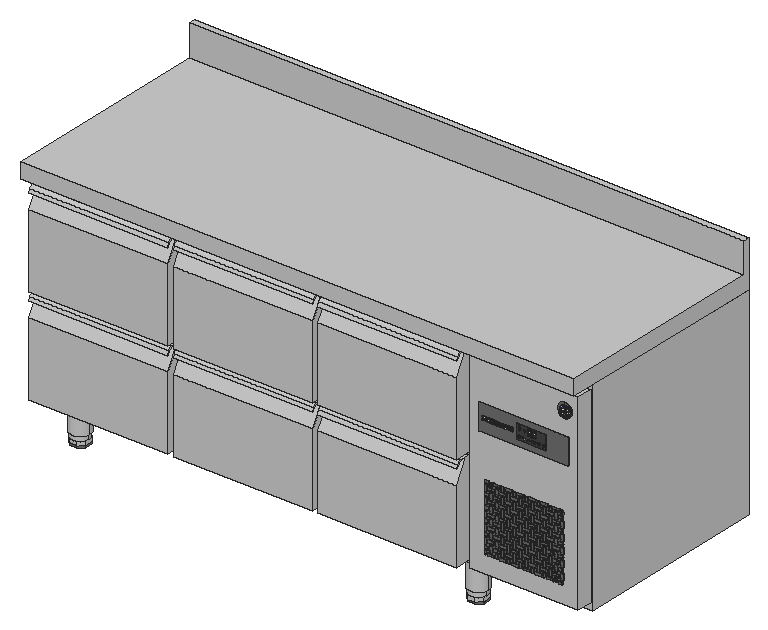
Revit family "QF_HOSHIZAKI_889020834", category Specialty Equipment, Revit 2016 (continued)
Definition of nested family "QF_HOSHIZAKI_ADVANCE_REF-COUNTER-DOORS-DRAWERS"
  Nested families
    nested 1: "Right_Door" at (0, 0, 0), Section size <- "Section size", type "Right door"
      with Worktop thickness 50 mm, Section size 446 mm, Legs height 0 mm, Height Actual 700 mm, Depth Actual 0 mm
    nested 2: "Left_Door" at (0, 0, 0), Section size <- "Section size", type "Left door"
      with Worktop thickness 50 mm, Section size 446 mm, Legs height 0 mm, Height Actual 700 mm, Depth Actual 0 mm
    nested 3: "3_Drawers_1-3" at (0, 0, 0), Section size <- "Section size", type "3 Drawers 1-3"
      with Worktop thickness 50 mm, Section size 446 mm, Legs height 0 mm, Height Actual 700 mm, Depth Actual 0 mm
    nested 4: "2_Drawers_1-2" at (0, 0, 0), Section size <- "Section size", type "2 Drawers 1-2"
      with Worktop thickness 50 mm, Section size 446 mm, Legs height 0 mm, Height Actual 700 mm, Depth Actual 0 mm
    nested 5: "3_Drawers_1-3_2-3" at (0, 0, 0), Section size <- "Section size", type "2 Drawers 1-3 and 2-3"
      with Worktop thickness 40 mm, Section size 446 mm, Legs height 0 mm, Height Actual 750 mm, Depth Actual 0 mm
    nested 6: "Right_Glass_Door" at (0, 0, 0), Section size <- "Section size", type "Right glass door"
      with Worktop thickness 40 mm, Section size 446 mm, Legs height 0 mm, Height Actual 750 mm, Depth Actual 0 mm
    nested 7: "Left_Glass_Door" at (0, 0, 0), Section size <- "Section size", type "Left glass door"
      with Worktop thickness 40 mm, Section size 446 mm, Legs height 0 mm, Height Actual 750 mm, Depth Actual 0 mm
  Definition of nested family "3_Drawers_1-3"
    Parameters (values of type "3 Drawers 1-3")
      Worktop thickness [instance] = 50 mm
      URL = "www.specifiglobal.com"
      Section size [instance] = 446 mm
      Model = ""
      Manufacturer = "DEMO CONSULTANT"
      Legs height [instance] = 150 mm
      Height Actual [instance] = 850 mm
      Description = ""
      Depth Actual [instance] = 700 mm
      Assembly Code = "E1090320"
      3 Drawers = yes
    Reference planes
      plane 1 "Back": y = 0
      plane 2: z = 0
      plane 3 "Left": x = 0
      plane 4 "Right": x = 446
      plane 5 "Front": y = -700
      plane 6 "Top": z = 850
      plane 7 "Front door": y = -633
      plane 8 "Bottom shelf": z = 150
      plane 9 "Worktop bottom": z = 800
      plane 10: z = 784
      plane 11: z = 170
      plane 12: z = 584
      plane 13: z = 577
      plane 14: z = 370
      plane 15: z = 377
      plane 16: z = 580.5
      plane 17: z = 373.5
      plane 18: z = 166.5
      plane 19: z = 787.5
    Forms (mm)
      Extrusion 1, solid, visible <- "3 Drawers"
        sketch origin (860, -633, 4000) x (-1, 0, 0) y (0, 0, 1)
          loop
            line (852, -3224) -> (422, -3224) -> (422, -3408) -> (852, -3408) -> (852, -3224)
          loop
            line (823, -3253) -> (451, -3253) -> (451, -3379) -> (823, -3379) -> (823, -3253)
        from 0 to -11
      Extrusion 2, solid, visible <- "3 Drawers"
        sketch origin (0, 0, 0) x (0, 1, 0) y (0, 0, 1)
          loop
            line (-644, 784) -> (-675.296, 784)
            arc (-675.296, 784) -> (-683.245, 781.721) -> (-688.778, 775.576) r 15
            line (-688.778, 775.576) -> (-694, 764.869) -> (-692.202, 763.992) -> (-686.981, 774.699)
            arc (-686.981, 774.699) -> (-682.185, 780.025) -> (-675.296, 782) r 13
            line (-675.296, 782) -> (-656.484, 782) -> (-694, 717.02) -> (-694, 584) -> (-644, 584) -> (-644, 784)
        from 0 to 446
      Extrusion 3, solid, visible <- "3 Drawers"
        sketch origin (0, 0, -237.3) x (0, 1, 0) y (0, 0, 1)
          loop
            line (-644, 814.3) -> (-675.296, 814.3)
            arc (-675.296, 814.3) -> (-683.245, 812.021) -> (-688.778, 805.876) r 15
            line (-688.778, 805.876) -> (-694, 795.169) -> (-692.202, 794.292) -> (-686.981, 804.999)
            arc (-686.981, 804.999) -> (-682.185, 810.325) -> (-675.296, 812.3) r 13
            line (-675.296, 812.3) -> (-656.484, 812.3) -> (-694, 747.32) -> (-694, 614.3) -> (-644, 614.3) -> (-644, 814.3)
        from 0 to 446
      Extrusion 4, solid, visible <- "3 Drawers"
        sketch origin (0, 0, -463.333) x (0, 1, 0) y (0, 0, 1)
          loop
            line (-644, 833.333) -> (-675.296, 833.333)
            arc (-675.296, 833.333) -> (-683.245, 831.054) -> (-688.778, 824.909) r 15
            line (-688.778, 824.909) -> (-694, 814.202) -> (-692.202, 813.326) -> (-686.981, 824.032)
            arc (-686.981, 824.032) -> (-682.185, 829.358) -> (-675.296, 831.333) r 13
            line (-675.296, 831.333) -> (-656.484, 831.333) -> (-694, 766.353) -> (-694, 633.333) -> (-644, 633.333) -> (-644, 833.333)
        from 0 to 446
      Extrusion 5, solid, visible <- "3 Drawers"
        sketch origin (860, -633, 3773.7) x (-1, 0, 0) y (0, 0, 1)
          loop
            line (852, -3204.7) -> (422, -3204.7) -> (422, -3388.7) -> (852, -3388.7) -> (852, -3204.7)
          loop
            line (823, -3233.7) -> (451, -3233.7) -> (451, -3359.7) -> (823, -3359.7) -> (823, -3233.7)
        from 0 to -11
      Extrusion 6, solid, visible <- "3 Drawers"
        sketch origin (860, -633, 3547) x (-1, 0, 0) y (0, 0, 1)
          loop
            line (852, -3185) -> (422, -3185) -> (422, -3369) -> (852, -3369) -> (852, -3185)
          loop
            line (823, -3214) -> (451, -3214) -> (451, -3340) -> (823, -3340) -> (823, -3214)
        from 0 to -11
      Extrusion 7, solid, visible <- "3 Drawers", detail levels coarse
        sketch origin (0, -608.657, 584) x (0, 1, 0) y (-1, 0, 0)
          loop
            line (-85.343, 0) -> (-551.343, 0) -> (-551.343, -446) -> (-85.343, -446) -> (-85.343, 0)
        from 0 to 200
      Extrusion 8, solid, visible <- "3 Drawers", detail levels coarse
        sketch origin (0, -503.657, 377) x (0, 1, 0) y (-1, 0, 0)
          loop
            line (-190.343, 0) -> (-656.343, 0) -> (-656.343, -446) -> (-190.343, -446) -> (-190.343, 0)
        from 0 to 200
      Extrusion 9, solid, visible <- "3 Drawers", detail levels coarse
        sketch origin (0, -343.657, 170) x (0, 1, 0) y (-1, 0, 0)
          loop
            line (-350.343, 0) -> (-816.343, 0) -> (-816.343, -446) -> (-350.343, -446) -> (-350.343, 0)
        from 0 to 200
    Lines and regions (mm)
      symbolic lines, visible <- "3 Drawers"
        curve 1: line (0, -808, 850) -> (0, -854, 850)
        curve 2: line (0, -854, 850) -> (446, -854, 850)
        curve 3: line (446, -854, 850) -> (446, -808, 850)
        curve 4: line (446, -808, 850) -> (0, -808, 850)
        curve 5: line (416, -808, 850) -> (416, -700, 850)
        curve 6: line (30, -808, 850) -> (30, -700, 850)
        curve 7: line (0, -961, 850) -> (0, -1007, 850)
        curve 8: line (0, -1007, 850) -> (446, -1007, 850)
        curve 9: line (446, -1007, 850) -> (446, -961, 850)
        curve 10: line (446, -961, 850) -> (0, -961, 850)
        curve 11: line (416, -961, 850) -> (416, -854, 850)
        curve 12: line (30, -961, 850) -> (30, -854, 850)
        curve 13: line (0, -1114, 850) -> (0, -1160, 850)
        curve 14: line (0, -1160, 850) -> (446, -1160, 850)
        curve 15: line (446, -1160, 850) -> (446, -1114, 850)
        curve 16: line (446, -1114, 850) -> (0, -1114, 850)
        curve 17: line (416, -1114, 850) -> (416, -1007, 850)
        curve 18: line (30, -1114, 850) -> (30, -1007, 850)
    Dimensions and locks
      "Section size": plane 3 "Left" to plane 4 "Right"
      "Depth Actual": plane 5 "Front" to plane 1 "Back"
      "Height Actual": plane 6 "Top" to level
      locked: plane 7 "Front door" to plane 5 "Front" at 67
      "Legs height": plane 8 "Bottom shelf" to plane 2
      "Worktop thickness": plane 6 "Top" to plane 9 "Worktop bottom"
      locked: plane 11 to plane 8 "Bottom shelf" at 20
      locked: plane 9 "Worktop bottom" to plane 10 at 16
      locked: plane 12 to plane 13 at 7
      locked: plane 15 to plane 14 at 7
      locked: plane 11 to plane 18 at 3.5
      equal spacing: plane 12, plane 16, plane 13
      equal spacing: plane 15, plane 17, plane 14
      locked: plane 19 to plane 10 at 3.5
      equal spacing: plane 19, plane 16, plane 17, plane 18
      aligned and locked: level to plane 2
      aligned and locked: Extrusion 2 to plane 4 "Right"
      aligned and locked: Extrusion 3 to plane 4 "Right"
      aligned and locked: Extrusion 4 to plane 4 "Right"
      aligned and locked: plane 4 "Right" to Extrusion 7 sketch curve
      aligned and locked: plane 3 "Left" to Extrusion 7 sketch curve
      aligned and locked: Extrusion 7 to plane 10
      aligned and locked: Extrusion 8 to plane 13
      aligned and locked: Extrusion 9 to plane 14
      aligned and locked: plane 10 to Extrusion 2 sketch curve
      aligned and locked: Extrusion 2 sketch curve to plane 12
      aligned and locked: Extrusion 3 sketch curve to plane 15
      aligned and locked: plane 13 to Extrusion 3 sketch curve
    Automatic sketch dimensions
      plane 4 "Right" to Extrusion 1 sketch curve = 8 mm
      plane 4 "Right" to Extrusion 1 sketch curve = 37 mm
      plane 3 "Left" to Extrusion 1 sketch curve = 37 mm
      plane 3 "Left" to Extrusion 1 sketch curve = 8 mm
      plane 12 to Extrusion 1 sketch curve = 8 mm
      plane 12 to Extrusion 1 sketch curve = 37 mm
      Extrusion 1 sketch curve to plane 10 = 37 mm
      Extrusion 1 sketch curve to plane 10 = 8 mm
      plane 4 "Right" to Extrusion 5 sketch curve = 8 mm
      plane 4 "Right" to Extrusion 5 sketch curve = 37 mm
      plane 3 "Left" to Extrusion 5 sketch curve = 37 mm
      plane 3 "Left" to Extrusion 5 sketch curve = 8 mm
      plane 15 to Extrusion 5 sketch curve = 8 mm
      plane 15 to Extrusion 5 sketch curve = 37 mm
      Extrusion 5 sketch curve to plane 13 = 37 mm
      Extrusion 5 sketch curve to plane 13 = 8 mm
      plane 4 "Right" to Extrusion 6 sketch curve = 8 mm
      plane 4 "Right" to Extrusion 6 sketch curve = 37 mm
      plane 3 "Left" to Extrusion 6 sketch curve = 37 mm
      plane 3 "Left" to Extrusion 6 sketch curve = 8 mm
      plane 11 to Extrusion 6 sketch curve = 8 mm
      plane 11 to Extrusion 6 sketch curve = 37 mm
      Extrusion 6 sketch curve to plane 14 = 37 mm
      Extrusion 6 sketch curve to plane 14 = 8 mm
      Extrusion 7 sketch curve to plane 5 "Front" = 460 mm
      plane 5 "Front" to Extrusion 7 sketch curve = 6 mm
      Extrusion 8 sketch curve to plane 3 "Left" = 0 mm
      Extrusion 8 sketch curve to plane 4 "Right" = 0 mm
      Extrusion 8 sketch curve to plane 5 "Front" = 460 mm
      plane 5 "Front" to Extrusion 8 sketch curve = 6 mm
      Extrusion 9 sketch curve to plane 3 "Left" = 0 mm
      Extrusion 9 sketch curve to plane 4 "Right" = 0 mm
      Extrusion 9 sketch curve to plane 5 "Front" = 460 mm
      plane 5 "Front" to Extrusion 9 sketch curve = 6 mm
      curve 13 to plane 3 "Left" = 0 mm
      curve 14 to plane 4 "Right" = 0 mm
      curve 7 to plane 3 "Left" = 0 mm
      curve 8 to plane 4 "Right" = 0 mm
      curve 1 to plane 3 "Left" = 0 mm
      curve 3 to plane 4 "Right" = 0 mm
      curve 6 to plane 5 "Front" = 0 mm
      curve 5 to plane 5 "Front" = 0 mm
      curve 1 to plane 5 "Front" = 108 mm
      curve 2 to curve 3 = 46 mm
      curve 7 to curve 1 = 107 mm
      curve 9 to curve 9 = 46 mm
      curve 16 to curve 7 = 107 mm
      curve 14 to curve 13 = 46 mm
      curve 8 to curve 17 = 30 mm
      curve 9 to curve 11 = 30 mm
      curve 3 to curve 5 = 30 mm
      plane 3 "Left" to curve 6 = 30 mm
      plane 3 "Left" to curve 18 = 30 mm
      plane 3 "Left" to curve 12 = 30 mm
      Extrusion 2 sketch curve to Extrusion 2 sketch curve = 0 mm  (x3)
      plane 5 "Front" to Extrusion 2 sketch curve = 6 mm  (x2)
      Extrusion 2 sketch curve to Extrusion 2 sketch curve = 1.798 mm  (x2)
      Extrusion 2 sketch curve to Extrusion 2 sketch curve = 11.684 mm
      plane 5 "Front" to Extrusion 2 sketch curve = 43.516 mm
      plane 5 "Front" to Extrusion 2 sketch curve = 56 mm
      Extrusion 2 sketch curve to plane 10 = 66.98 mm
      Extrusion 3 sketch curve to Extrusion 3 sketch curve = 0 mm  (x4)
      Extrusion 3 sketch curve to Extrusion 3 sketch curve = 1.798 mm  (x2)
      plane 5 "Front" to Extrusion 3 sketch curve = 11.222 mm
      Extrusion 3 sketch curve to Extrusion 3 sketch curve = 18.812 mm
      Extrusion 3 sketch curve to plane 7 "Front door" = 11 mm
      Extrusion 3 sketch curve to Extrusion 3 sketch curve = 46.972 mm
      Extrusion 4 sketch curve to Extrusion 4 sketch curve = 0 mm  (x2)
      Extrusion 4 sketch curve to plane 11 = 0 mm
      Extrusion 4 sketch curve to plane 14 = 0 mm
      Extrusion 4 sketch curve to plane 7 "Front door" = 61 mm  (x2)
      Extrusion 4 sketch curve to Extrusion 4 sketch curve = 1.798 mm  (x2)
      Extrusion 4 sketch curve to plane 14 = 8.424 mm
      Extrusion 4 sketch curve to Extrusion 4 sketch curve = 5.222 mm
      Extrusion 4 sketch curve to plane 14 = 9.301 mm
      Extrusion 4 sketch curve to plane 7 "Front door" = 42.296 mm
      Extrusion 4 sketch curve to plane 7 "Front door" = 23.484 mm
      Extrusion 4 sketch curve to plane 7 "Front door" = 11 mm
      Extrusion 4 sketch curve to Extrusion 4 sketch curve = 46.972 mm
      plane 5 "Front" to Extrusion 2 sketch curve = 11.222 mm
      plane 5 "Front" to Extrusion 3 sketch curve = 7.798 mm
      plane 5 "Front" to Extrusion 3 sketch curve = 6 mm
      Extrusion 3 sketch curve to Extrusion 3 sketch curve = 11.684 mm
      Extrusion 3 sketch curve to Extrusion 3 sketch curve = 66.98 mm
      Extrusion 3 sketch curve to Extrusion 3 sketch curve = 0.877 mm
      Extrusion 2 sketch curve to plane 10 = 20.008 mm
      Extrusion 2 sketch curve to Extrusion 2 sketch curve = 0.877 mm
  Definition of nested family "Right_Door"
    Parameters (values of type "Right door")
      Worktop thickness [instance] = 50 mm
      URL = "www.specifiglobal.com"
      Section size [instance] = 446 mm
      Right hand hinged door = yes
      Model = ""
      Manufacturer = "DEMO CONSULTANT"
      Legs height [instance] = 150 mm
      Height Actual [instance] = 850 mm
      Description = ""
      Depth Actual [instance] = 700 mm
      Assembly Code = "E1090320"
    Reference planes
      plane 1 "Back": y = 0
      plane 2: z = 0
      plane 3 "Left": x = 0
      plane 4 "Right": x = 446
      plane 5 "Front": y = -700
      plane 6 "Top": z = 850
      plane 7 "Front door": y = -633
      plane 8 "Bottom shelf": z = 150
      plane 9 "Worktop bottom": z = 800
      plane 10: z = 784
      plane 11: z = 170
    Forms (mm)
      Extrusion 1, solid, visible <- "Right hand hinged door", detail levels coarse
        sketch origin (0, -608.657, 170) x (0, 1, 0) y (-1, 0, 0)
          loop
            arc (-85.343, 0) -> (-400.712, -130.63) -> (-531.343, -446) r 446
            line (-531.343, -446) -> (-85.343, -446) -> (-85.343, 0)
        from 0 to 614
      Extrusion 2, solid, visible <- "Right hand hinged door"
        sketch origin (860, -633, 4000) x (-1, 0, 0) y (0, 0, 1)
          loop
            line (852, -3224) -> (422, -3224) -> (422, -3822) -> (852, -3822) -> (852, -3224)
          loop
            line (823, -3253) -> (451, -3253) -> (451, -3793) -> (823, -3793) -> (823, -3253)
        from 0 to -11
      Extrusion 3, solid, visible <- "Right hand hinged door"
        sketch origin (0, 0, 0) x (0, 1, 0) y (0, 0, 1)
          loop
            line (-644, 784) -> (-675.296, 784)
            arc (-675.296, 784) -> (-683.245, 781.721) -> (-688.778, 775.576) r 15
            line (-688.778, 775.576) -> (-694, 764.869) -> (-692.202, 763.992) -> (-686.981, 774.699)
            arc (-686.981, 774.699) -> (-682.185, 780.025) -> (-675.296, 782) r 13
            line (-675.296, 782) -> (-656.484, 782) -> (-694, 717.02) -> (-694, 170) -> (-644, 170) -> (-644, 784)
        from 0 to 446
    Lines and regions (mm)
      symbolic lines, visible <- "Right hand hinged door"
        curve 1: line (446, -700, 850) -> (446, -1140, 850)
        curve 2: arc (0.04, -700, 850) -> (132.759, -1011.484, 850) -> (446, -1140, 850) r 446
    Dimensions and locks
      "Section size": plane 3 "Left" to plane 4 "Right"
      "Depth Actual": plane 5 "Front" to plane 1 "Back"
      "Height Actual": plane 6 "Top" to level
      locked: plane 7 "Front door" to plane 5 "Front" at 67
      "Legs height": plane 8 "Bottom shelf" to plane 2
      "Worktop thickness": plane 6 "Top" to plane 9 "Worktop bottom"
      locked: plane 11 to plane 8 "Bottom shelf" at 20
      locked: plane 9 "Worktop bottom" to plane 10 at 16
      aligned and locked: level to plane 2
      aligned and locked: Extrusion 1 to plane 10
      aligned and locked: Extrusion 3 to plane 4 "Right"
      aligned and locked: curve 2 to Extrusion 1
      aligned and locked: plane 10 to Extrusion 3 sketch curve
      aligned and locked: Extrusion 3 sketch curve to plane 11
    Automatic sketch dimensions
      plane 4 "Right" to Extrusion 2 sketch curve = 8 mm
      plane 4 "Right" to Extrusion 2 sketch curve = 37 mm
      plane 3 "Left" to Extrusion 2 sketch curve = 37 mm
      plane 3 "Left" to Extrusion 2 sketch curve = 8 mm
      plane 11 to Extrusion 2 sketch curve = 8 mm
      plane 11 to Extrusion 2 sketch curve = 37 mm
      Extrusion 2 sketch curve to plane 10 = 37 mm
      Extrusion 2 sketch curve to plane 10 = 8 mm
      Extrusion 1 sketch curve to plane 4 "Right" = 0 mm
      Extrusion 1 sketch curve to plane 3 "Left" = 0 mm
      plane 5 "Front" to Extrusion 1 sketch curve = 6 mm
      curve 1 to plane 5 "Front" = 0 mm
      curve 2 to plane 5 "Front" = 0 mm
      Extrusion 3 sketch curve to Extrusion 3 sketch curve = 0 mm  (x2)
      Extrusion 3 sketch curve to plane 7 "Front door" = 61 mm  (x2)
      Extrusion 3 sketch curve to Extrusion 3 sketch curve = 1.798 mm  (x2)
      Extrusion 3 sketch curve to plane 10 = 8.424 mm
      Extrusion 3 sketch curve to Extrusion 3 sketch curve = 5.222 mm
      Extrusion 3 sketch curve to plane 10 = 9.301 mm
      Extrusion 3 sketch curve to plane 7 "Front door" = 42.296 mm
      Extrusion 3 sketch curve to plane 7 "Front door" = 23.484 mm
      Extrusion 3 sketch curve to Extrusion 3 sketch curve = 12.484 mm
      Extrusion 3 sketch curve to Extrusion 3 sketch curve = 46.972 mm
  Definition of nested family "Left_Door"
    Parameters (values of type "Left door")
      Worktop thickness [instance] = 50 mm
      URL = "www.specifiglobal.com"
      Section size [instance] = 450 mm
      Model = ""
      Manufacturer = "DEMO CONSULTANT"
      Legs height [instance] = 150 mm
      Left hand hinged door = yes
      Height Actual [instance] = 850 mm
      Description = ""
      Depth Actual [instance] = 700 mm
      Assembly Code = "E1090320"
    Reference planes
      plane 1 "Back": y = 0
      plane 2: z = 0
      plane 3 "Left": x = 0
      plane 4 "Right": x = 450
      plane 5 "Front": y = -700
      plane 6 "Top": z = 850
      plane 7 "Front door": y = -633
      plane 8 "Bottom shelf": z = 150
      plane 9 "Worktop bottom": z = 800
      plane 10: z = 784
      plane 11: z = 170
    Forms (mm)
      Extrusion 1, solid, visible <- "Left hand hinged door"
        sketch origin (860, -633, 4000) x (-1, 0, 0) y (0, 0, 1)
          loop
            line (852, -3224) -> (418, -3224) -> (418, -3822) -> (852, -3822) -> (852, -3224)
          loop
            line (823, -3253) -> (447, -3253) -> (447, -3793) -> (823, -3793) -> (823, -3253)
        from 0 to -11
      Extrusion 2, solid, visible <- "Left hand hinged door"
        sketch origin (0, 0, 0) x (0, 1, 0) y (0, 0, 1)
          loop
            line (-644, 784) -> (-675.296, 784)
            arc (-675.296, 784) -> (-683.245, 781.721) -> (-688.778, 775.576) r 15
            line (-688.778, 775.576) -> (-694, 764.869) -> (-692.202, 763.992) -> (-686.981, 774.699)
            arc (-686.981, 774.699) -> (-682.185, 780.025) -> (-675.296, 782) r 13
            line (-675.296, 782) -> (-656.484, 782) -> (-694, 717.02) -> (-694, 170) -> (-644, 170) -> (-644, 784)
        from 0 to 450
      Extrusion 3, solid, visible <- "Left hand hinged door", detail levels coarse
        sketch origin (0, -608.657, 170) x (0, 1, 0) y (-1, 0, 0)
          loop
            line (-85.343, -450) -> (-85.343, 0) -> (-535.343, 0)
            arc (-535.343, 0) -> (-403.541, -318.198) -> (-85.343, -450) r 450
        from 0 to 614
    Lines and regions (mm)
      symbolic lines, visible <- "Left hand hinged door"
        curve 1: line (0, -700, 850) -> (0, -1144, 850)
        curve 2: arc (0, -1144, 850) -> (316.07, -1014.312, 850) -> (449.96, -700, 850) r 450
    Dimensions and locks
      "Section size": plane 3 "Left" to plane 4 "Right"
      "Depth Actual": plane 5 "Front" to plane 1 "Back"
      "Height Actual": plane 6 "Top" to level
      locked: plane 7 "Front door" to plane 5 "Front" at 67
      "Legs height": plane 8 "Bottom shelf" to plane 2
      "Worktop thickness": plane 6 "Top" to plane 9 "Worktop bottom"
      locked: plane 11 to plane 8 "Bottom shelf" at 20
      locked: plane 9 "Worktop bottom" to plane 10 at 16
      aligned and locked: level to plane 2
      aligned and locked: Extrusion 2 to plane 4 "Right"
      aligned and locked: Extrusion 3 to plane 10
      aligned and locked: curve 2 to Extrusion 3
      aligned and locked: plane 10 to Extrusion 2 sketch curve
      aligned and locked: Extrusion 2 sketch curve to plane 11
    Automatic sketch dimensions
      plane 4 "Right" to Extrusion 1 sketch curve = 8 mm
      plane 4 "Right" to Extrusion 1 sketch curve = 37 mm
      plane 3 "Left" to Extrusion 1 sketch curve = 37 mm
      plane 3 "Left" to Extrusion 1 sketch curve = 8 mm
      plane 11 to Extrusion 1 sketch curve = 8 mm
      plane 11 to Extrusion 1 sketch curve = 37 mm
      Extrusion 1 sketch curve to plane 10 = 37 mm
      Extrusion 1 sketch curve to plane 10 = 8 mm
      Extrusion 3 sketch curve to plane 3 "Left" = 0 mm
      Extrusion 3 sketch curve to plane 4 "Right" = 0 mm
      plane 5 "Front" to Extrusion 3 sketch curve = 6 mm
      curve 1 to plane 5 "Front" = 0 mm
      curve 2 to plane 5 "Front" = 0 mm
      Extrusion 2 sketch curve to Extrusion 2 sketch curve = 0 mm  (x2)
      plane 5 "Front" to Extrusion 2 sketch curve = 6 mm  (x2)
      Extrusion 2 sketch curve to Extrusion 2 sketch curve = 1.798 mm
      plane 5 "Front" to Extrusion 2 sketch curve = 11.222 mm
      Extrusion 2 sketch curve to Extrusion 2 sketch curve = 11.684 mm
      Extrusion 2 sketch curve to Extrusion 2 sketch curve = 18.812 mm
      Extrusion 2 sketch curve to plane 7 "Front door" = 11 mm
      Extrusion 2 sketch curve to plane 10 = 66.98 mm
      Extrusion 2 sketch curve to plane 10 = 20.008 mm
      Extrusion 2 sketch curve to Extrusion 2 sketch curve = 0.877 mm  (x2)
  Definition of nested family "2_Drawers_1-2"
    Parameters (values of type "2 Drawers 1-2")
      Worktop thickness [instance] = 50 mm
      URL = "www.specifiglobal.com"
      Section size [instance] = 446 mm
      Model = ""
      Manufacturer = "DEMO CONSULTANT"
      Legs height [instance] = 150 mm
      Height Actual [instance] = 850 mm
      Description = ""
      Depth Actual [instance] = 700 mm
      Assembly Code = "E1090320"
      2 Drawers = yes
    Reference planes
      plane 1 "Back": y = 0
      plane 2: z = 0
      plane 3 "Left": x = 0
      plane 4 "Right": x = 446
      plane 5 "Front": y = -700
      plane 6 "Top": z = 850
      plane 7 "Front door": y = -633
      plane 8 "Bottom shelf": z = 150
      plane 9 "Worktop bottom": z = 800
      plane 10: z = 784
      plane 11: z = 170
      plane 12: z = 481
      plane 13: z = 473
      plane 14: z = 477
      plane 15: z = 792
      plane 16: z = 160
    Forms (mm)
      Extrusion 1, solid, visible <- "2 Drawers"
        sketch origin (860, -633, 4000) x (-1, 0, 0) y (0, 0, 1)
          loop
            line (852, -3224) -> (422, -3224) -> (422, -3511) -> (852, -3511) -> (852, -3224)
          loop
            line (823, -3253) -> (451, -3253) -> (451, -3482) -> (823, -3482) -> (823, -3253)
        from 0 to -11
      Extrusion 2, solid, visible <- "2 Drawers"
        sketch origin (0, 0, 0) x (0, 1, 0) y (0, 0, 1)
          loop
            line (-644, 784) -> (-675.296, 784)
            arc (-675.296, 784) -> (-683.245, 781.721) -> (-688.778, 775.576) r 15
            line (-688.778, 775.576) -> (-694, 764.869) -> (-692.202, 763.992) -> (-686.981, 774.699)
            arc (-686.981, 774.699) -> (-682.185, 780.025) -> (-675.296, 782) r 13
            line (-675.296, 782) -> (-656.484, 782) -> (-694, 717.02) -> (-694, 481) -> (-644, 481) -> (-644, 784)
        from 0 to 446
      Extrusion 3, solid, visible <- "2 Drawers"
        sketch origin (0, 0, -463.333) x (0, 1, 0) y (0, 0, 1)
          loop
            line (-644, 936.333) -> (-675.296, 936.333)
            arc (-675.296, 936.333) -> (-683.245, 934.054) -> (-688.778, 927.909) r 15
            line (-688.778, 927.909) -> (-694, 917.202) -> (-692.202, 916.326) -> (-686.981, 927.032)
            arc (-686.981, 927.032) -> (-682.185, 932.358) -> (-675.296, 934.333) r 13
            line (-675.296, 934.333) -> (-656.484, 934.333) -> (-694, 869.353) -> (-694, 633.333) -> (-644, 633.333) -> (-644, 936.333)
        from 0 to 446
      Extrusion 4, solid, visible <- "2 Drawers"
        sketch origin (860, -633, 3547) x (-1, 0, 0) y (0, 0, 1)
          loop
            line (852, -3082) -> (422, -3082) -> (422, -3369) -> (852, -3369) -> (852, -3082)
          loop
            line (823, -3111) -> (451, -3111) -> (451, -3340) -> (823, -3340) -> (823, -3111)
        from 0 to -11
      Extrusion 5, solid, visible <- "2 Drawers", detail levels coarse
        sketch origin (0, -608.657, 481) x (0, 1, 0) y (-1, 0, 0)
          loop
            line (-85.343, 0) -> (-551.343, 0) -> (-551.343, -446) -> (-85.343, -446) -> (-85.343, 0)
        from 0 to 303
      Extrusion 6, solid, visible <- "2 Drawers", detail levels coarse
        sketch origin (0, -343.657, 170) x (0, 1, 0) y (-1, 0, 0)
          loop
            line (-350.343, 0) -> (-816.343, 0) -> (-816.343, -446) -> (-350.343, -446) -> (-350.343, 0)
        from 0 to 303
    Lines and regions (mm)
      symbolic lines, visible <- "2 Drawers"
        curve 1: line (0, -884, 850) -> (0, -930, 850)
        curve 2: line (0, -930, 850) -> (446, -930, 850)
        curve 3: line (446, -930, 850) -> (446, -884, 850)
        curve 4: line (446, -884, 850) -> (0, -884, 850)
        curve 5: line (416, -884, 850) -> (416, -700, 850)
        curve 6: line (30, -884, 850) -> (30, -700, 850)
        curve 7: line (0, -1114, 850) -> (0, -1160, 850)
        curve 8: line (0, -1160, 850) -> (446, -1160, 850)
        curve 9: line (446, -1160, 850) -> (446, -1114, 850)
        curve 10: line (446, -1114, 850) -> (0, -1114, 850)
        curve 11: line (416, -1114, 850) -> (416, -930, 850)
        curve 12: line (30, -1114, 850) -> (30, -930, 850)
    Dimensions and locks
      "Section size": plane 3 "Left" to plane 4 "Right"
      "Depth Actual": plane 5 "Front" to plane 1 "Back"
      "Height Actual": plane 6 "Top" to level
      locked: plane 7 "Front door" to plane 5 "Front" at 67
      "Legs height": plane 8 "Bottom shelf" to plane 2
      "Worktop thickness": plane 6 "Top" to plane 9 "Worktop bottom"
      locked: plane 11 to plane 8 "Bottom shelf" at 20
      locked: plane 9 "Worktop bottom" to plane 10 at 16
      equal spacing: plane 9 "Worktop bottom", plane 15, plane 10
      equal spacing: plane 11, plane 16, plane 8 "Bottom shelf"
      plane 12 to plane 13 = 8 mm
      equal spacing: plane 12, plane 14, plane 13
      equal spacing: plane 10, plane 14, plane 11
      aligned and locked: level to plane 2
      aligned and locked: Extrusion 2 to plane 4 "Right"
      aligned and locked: Extrusion 3 to plane 4 "Right"
      aligned and locked: plane 4 "Right" to Extrusion 5 sketch curve
      aligned and locked: plane 3 "Left" to Extrusion 5 sketch curve
      aligned and locked: Extrusion 5 to plane 10
      aligned and locked: Extrusion 6 to plane 13
      aligned and locked: Extrusion 2 sketch curve to plane 12
      aligned and locked: plane 10 to Extrusion 2 sketch curve
      aligned and locked: Extrusion 3 sketch curve to plane 11
      aligned and locked: plane 13 to Extrusion 3 sketch curve
    Automatic sketch dimensions
      plane 4 "Right" to Extrusion 1 sketch curve = 8 mm
      plane 4 "Right" to Extrusion 1 sketch curve = 37 mm
      plane 3 "Left" to Extrusion 1 sketch curve = 37 mm
      plane 3 "Left" to Extrusion 1 sketch curve = 8 mm
      plane 12 to Extrusion 1 sketch curve = 8 mm
      plane 12 to Extrusion 1 sketch curve = 37 mm
      Extrusion 1 sketch curve to plane 10 = 37 mm
      Extrusion 1 sketch curve to plane 10 = 8 mm
      plane 4 "Right" to Extrusion 4 sketch curve = 8 mm
      plane 4 "Right" to Extrusion 4 sketch curve = 37 mm
      plane 3 "Left" to Extrusion 4 sketch curve = 37 mm
      plane 3 "Left" to Extrusion 4 sketch curve = 8 mm
      plane 11 to Extrusion 4 sketch curve = 8 mm
      plane 11 to Extrusion 4 sketch curve = 37 mm
      Extrusion 4 sketch curve to plane 13 = 37 mm
      Extrusion 4 sketch curve to plane 13 = 8 mm
      Extrusion 5 sketch curve to plane 5 "Front" = 460 mm
      plane 5 "Front" to Extrusion 5 sketch curve = 6 mm
      Extrusion 6 sketch curve to plane 3 "Left" = 0 mm
      Extrusion 6 sketch curve to plane 4 "Right" = 0 mm
      Extrusion 6 sketch curve to plane 5 "Front" = 460 mm
      plane 5 "Front" to Extrusion 6 sketch curve = 6 mm
      curve 8 to plane 3 "Left" = 0 mm
      curve 8 to plane 4 "Right" = 0 mm
      curve 3 to plane 4 "Right" = 0 mm
      curve 1 to plane 3 "Left" = 0 mm
      curve 5 to plane 5 "Front" = 0 mm
      curve 6 to plane 5 "Front" = 0 mm
      curve 4 to plane 5 "Front" = 184 mm
      curve 2 to curve 1 = 46 mm
      curve 7 to curve 1 = 184 mm
      curve 9 to curve 9 = 46 mm
      plane 4 "Right" to curve 5 = 30 mm
      plane 4 "Right" to curve 11 = 30 mm
      plane 3 "Left" to curve 12 = 30 mm
      plane 3 "Left" to curve 6 = 30 mm
      Extrusion 2 sketch curve to Extrusion 2 sketch curve = 0 mm  (x2)
      plane 5 "Front" to Extrusion 2 sketch curve = 6 mm  (x2)
      Extrusion 2 sketch curve to Extrusion 2 sketch curve = 1.798 mm  (x2)
      Extrusion 2 sketch curve to Extrusion 2 sketch curve = 5.222 mm
      plane 5 "Front" to Extrusion 2 sketch curve = 24.704 mm
      plane 5 "Front" to Extrusion 2 sketch curve = 43.516 mm
      plane 5 "Front" to Extrusion 2 sketch curve = 56 mm
      Extrusion 2 sketch curve to Extrusion 2 sketch curve = 46.972 mm
      Extrusion 2 sketch curve to Extrusion 2 sketch curve = 0.877 mm
      Extrusion 2 sketch curve to Extrusion 2 sketch curve = 5.699 mm
      plane 5 "Front" to Extrusion 3 sketch curve = 6 mm  (x2)
      Extrusion 3 sketch curve to Extrusion 3 sketch curve = 1.798 mm  (x2)
      Extrusion 3 sketch curve to Extrusion 3 sketch curve = 5.222 mm
      Extrusion 3 sketch curve to Extrusion 3 sketch curve = 11.684 mm
      plane 5 "Front" to Extrusion 3 sketch curve = 43.516 mm
      plane 5 "Front" to Extrusion 3 sketch curve = 56 mm
      Extrusion 3 sketch curve to Extrusion 3 sketch curve = 46.972 mm
      Extrusion 3 sketch curve to Extrusion 3 sketch curve = 0 mm  (x2)
      Extrusion 3 sketch curve to Extrusion 3 sketch curve = 5.699 mm
      Extrusion 3 sketch curve to Extrusion 3 sketch curve = 0.877 mm
  Definition of nested family "3_Drawers_1-3_2-3"
    Parameters (values of type "2 Drawers 1-3 and 2-3")
      Worktop thickness [instance] = 40 mm
      URL = "www.specifiglobal.com"
      Section size [instance] = 421 mm
      Model = ""
      Manufacturer = "DEMO CONSULTANT"
      Legs height [instance] = 150 mm
      Height Actual [instance] = 900 mm
      Description = ""
      Depth Actual [instance] = 700 mm
      Assembly Code = "E1090320"
      2 Drawers 1-3 and 2-3 = yes
    Reference planes
      plane 1 "Back": y = 0
      plane 2: z = 0
      plane 3 "Left": x = 0
      plane 4 "Right": x = 421
      plane 5 "Front": y = -700
      plane 6 "Top": z = 900
      plane 7 "Front door": y = -633
      plane 8 "Bottom shelf": z = 150
      plane 9 "Worktop bottom": z = 860
      plane 10: z = 841
      plane 11: z = 186
      plane 12: z = 627
      plane 13: z = 620
      plane 14: z = 623.5
      plane 15: z = 850.5
      plane 16: z = 168
    Forms (mm)
      Extrusion 1, solid, visible <- "2 Drawers 1-3 and 2-3"
        sketch origin (860, -633, 4000) x (-1, 0, 0) y (0, 0, 1)
          loop
            line (852, -3167) -> (447, -3167) -> (447, -3365) -> (852, -3365) -> (852, -3167)
          loop
            line (823, -3196) -> (476, -3196) -> (476, -3336) -> (823, -3336) -> (823, -3196)
        from 0 to -11
      Extrusion 2, solid, visible <- "2 Drawers 1-3 and 2-3"
        sketch origin (0, 0, 0) x (0, 1, 0) y (0, 0, 1)
          loop
            line (-644, 841) -> (-675.296, 841)
            arc (-675.296, 841) -> (-683.245, 838.721) -> (-688.778, 832.576) r 15
            line (-688.778, 832.576) -> (-694, 821.869) -> (-692.202, 820.992) -> (-686.981, 831.699)
            arc (-686.981, 831.699) -> (-682.185, 837.025) -> (-675.296, 839) r 13
            line (-675.296, 839) -> (-656.484, 839) -> (-694, 774.02) -> (-694, 627) -> (-644, 627) -> (-644, 841)
        from 0 to 421
      Extrusion 3, solid, visible <- "2 Drawers 1-3 and 2-3"
        sketch origin (0, 0, -463.333) x (0, 1, 0) y (0, 0, 1)
          loop
            line (-644, 1083.333) -> (-675.296, 1083.333)
            arc (-675.296, 1083.333) -> (-683.245, 1081.054) -> (-688.778, 1074.909) r 15
            line (-688.778, 1074.909) -> (-694, 1064.202) -> (-692.202, 1063.326) -> (-686.981, 1074.032)
            arc (-686.981, 1074.032) -> (-682.185, 1079.358) -> (-675.296, 1081.333) r 13
            line (-675.296, 1081.333) -> (-656.484, 1081.333) -> (-694, 1016.353) -> (-694, 649.333) -> (-644, 649.333) -> (-644, 1083.333)
        from 0 to 421
      Extrusion 4, solid, visible <- "2 Drawers 1-3 and 2-3"
        sketch origin (860, -633, 3547) x (-1, 0, 0) y (0, 0, 1)
          loop
            line (852, -2935) -> (447, -2935) -> (447, -3353) -> (852, -3353) -> (852, -2935)
          loop
            line (823, -2964) -> (476, -2964) -> (476, -3324) -> (823, -3324) -> (823, -2964)
        from 0 to -11
      Extrusion 5, solid, visible <- "2 Drawers 1-3 and 2-3", detail levels coarse
        sketch origin (0, -608.657, 627) x (0, 1, 0) y (-1, 0, 0)
          loop
            line (-85.343, 0) -> (-551.343, 0) -> (-551.343, -421) -> (-85.343, -421) -> (-85.343, 0)
        from 0 to 214
      Extrusion 6, solid, visible <- "2 Drawers 1-3 and 2-3", detail levels coarse
        sketch origin (0, -343.657, 186) x (0, 1, 0) y (-1, 0, 0)
          loop
            line (-350.343, 0) -> (-816.343, 0) -> (-816.343, -421) -> (-350.343, -421) -> (-350.343, 0)
        from 0 to 434
    Lines and regions (mm)
      symbolic lines, visible <- "2 Drawers 1-3 and 2-3"
        curve 1: line (0, -804, 900) -> (0, -850, 900)
        curve 2: line (0, -850, 900) -> (421, -850, 900)
        curve 3: line (421, -850, 900) -> (421, -804, 900)
        curve 4: line (421, -804, 900) -> (0, -804, 900)
        curve 5: line (391, -804, 900) -> (391, -700, 900)
        curve 6: line (30, -804, 900) -> (30, -700, 900)
        curve 7: line (0, -1114, 900) -> (0, -1160, 900)
        curve 8: line (0, -1160, 900) -> (421, -1160, 900)
        curve 9: line (421, -1160, 900) -> (421, -1114, 900)
        curve 10: line (421, -1114, 900) -> (0, -1114, 900)
        curve 11: line (391, -1114, 900) -> (391, -850, 900)
        curve 12: line (30, -1114, 900) -> (30, -850, 900)
    Dimensions and locks
      "Section size": plane 3 "Left" to plane 4 "Right"
      "Depth Actual": plane 5 "Front" to plane 1 "Back"
      "Height Actual": plane 6 "Top" to level
      locked: plane 7 "Front door" to plane 5 "Front" at 67
      "Legs height": plane 8 "Bottom shelf" to plane 2
      "Worktop thickness": plane 6 "Top" to plane 9 "Worktop bottom"
      locked: plane 11 to plane 8 "Bottom shelf" at 36
      locked: plane 9 "Worktop bottom" to plane 10 at 19
      locked: plane 12 to plane 13 at 7
      equal spacing: plane 9 "Worktop bottom", plane 15, plane 10
      equal spacing: plane 11, plane 16, plane 8 "Bottom shelf"
      locked: Extrusion 4 sketch curve to plane 13 at 37
      locked: Extrusion 4 sketch curve to plane 13 at 8
      equal spacing: plane 12, plane 14, plane 13
      locked: plane 10 to plane 12 at 214
      aligned and locked: level to plane 2
      aligned and locked: Extrusion 2 to plane 4 "Right"
      aligned and locked: Extrusion 3 to plane 4 "Right"
      aligned and locked: plane 4 "Right" to Extrusion 5 sketch curve
      aligned and locked: plane 3 "Left" to Extrusion 5 sketch curve
      aligned and locked: Extrusion 5 to plane 10
      aligned and locked: Extrusion 6 to plane 13
      aligned and locked: plane 10 to Extrusion 2 sketch curve
      aligned and locked: Extrusion 2 sketch curve to plane 12
      aligned and locked: Extrusion 3 sketch curve to plane 11
      aligned and locked: plane 13 to Extrusion 3 sketch curve
    Automatic sketch dimensions
      plane 4 "Right" to Extrusion 1 sketch curve = 8 mm
      plane 4 "Right" to Extrusion 1 sketch curve = 37 mm
      plane 3 "Left" to Extrusion 1 sketch curve = 37 mm
      plane 3 "Left" to Extrusion 1 sketch curve = 8 mm
      plane 12 to Extrusion 1 sketch curve = 8 mm
      plane 12 to Extrusion 1 sketch curve = 37 mm
      Extrusion 1 sketch curve to plane 10 = 37 mm
      Extrusion 1 sketch curve to plane 10 = 8 mm
      plane 4 "Right" to Extrusion 4 sketch curve = 8 mm
      plane 4 "Right" to Extrusion 4 sketch curve = 37 mm
      plane 3 "Left" to Extrusion 4 sketch curve = 37 mm
      plane 3 "Left" to Extrusion 4 sketch curve = 8 mm
      plane 11 to Extrusion 4 sketch curve = 8 mm
      plane 11 to Extrusion 4 sketch curve = 37 mm
      Extrusion 5 sketch curve to plane 5 "Front" = 460 mm
      plane 5 "Front" to Extrusion 5 sketch curve = 6 mm
      Extrusion 6 sketch curve to plane 3 "Left" = 0 mm
      Extrusion 6 sketch curve to plane 4 "Right" = 0 mm
      Extrusion 6 sketch curve to plane 5 "Front" = 460 mm
      plane 5 "Front" to Extrusion 6 sketch curve = 6 mm
      curve 8 to plane 3 "Left" = 0 mm
      curve 8 to plane 4 "Right" = 0 mm
      curve 3 to plane 4 "Right" = 0 mm
      curve 1 to plane 3 "Left" = 0 mm
      curve 5 to plane 5 "Front" = 0 mm
      curve 6 to plane 5 "Front" = 0 mm
      curve 4 to plane 5 "Front" = 104 mm
      curve 2 to curve 1 = 46 mm
      curve 7 to curve 1 = 264 mm
      curve 9 to curve 9 = 46 mm
      curve 3 to curve 5 = 30 mm
      plane 4 "Right" to curve 11 = 30 mm
      plane 3 "Left" to curve 12 = 30 mm
      plane 3 "Left" to curve 6 = 30 mm
      Extrusion 2 sketch curve to Extrusion 2 sketch curve = 0 mm  (x2)
      Extrusion 2 sketch curve to plane 7 "Front door" = 61 mm  (x2)
      Extrusion 2 sketch curve to Extrusion 2 sketch curve = 1.798 mm  (x2)
      Extrusion 2 sketch curve to Extrusion 2 sketch curve = 5.222 mm
      Extrusion 2 sketch curve to Extrusion 2 sketch curve = 11.684 mm
      Extrusion 2 sketch curve to Extrusion 2 sketch curve = 18.812 mm
      Extrusion 2 sketch curve to Extrusion 2 sketch curve = 50 mm
      Extrusion 2 sketch curve to Extrusion 2 sketch curve = 46.972 mm
      Extrusion 2 sketch curve to Extrusion 2 sketch curve = 0.877 mm
      Extrusion 2 sketch curve to Extrusion 2 sketch curve = 5.699 mm
      Extrusion 3 sketch curve to Extrusion 3 sketch curve = 0 mm  (x2)
      plane 5 "Front" to Extrusion 3 sketch curve = 6 mm  (x2)
      Extrusion 3 sketch curve to Extrusion 3 sketch curve = 1.798 mm  (x2)
      plane 5 "Front" to Extrusion 3 sketch curve = 11.222 mm
      Extrusion 3 sketch curve to Extrusion 3 sketch curve = 11.684 mm
      Extrusion 3 sketch curve to Extrusion 3 sketch curve = 18.812 mm
      Extrusion 3 sketch curve to plane 7 "Front door" = 11 mm
      Extrusion 3 sketch curve to Extrusion 3 sketch curve = 57.679 mm
      Extrusion 3 sketch curve to Extrusion 3 sketch curve = 10.706 mm
      Extrusion 3 sketch curve to Extrusion 3 sketch curve = 5.699 mm
  Definition of nested family "Right_Glass_Door"
    Parameters (values of type "Right glass door")
      Worktop thickness [instance] = 40 mm
      URL = "www.specifiglobal.com"
      Section size [instance] = 421 mm
      Right hand hinged glass door = yes
      Model = ""
      Manufacturer = "DEMO CONSULTANT"
      Legs height [instance] = 150 mm
      Height Actual [instance] = 900 mm
      Description = ""
      Depth Actual [instance] = 700 mm
      Assembly Code = "E1090320"
    Reference planes
      plane 1 "Back": y = 0
      plane 2: z = 0
      plane 3 "Left": x = 0
      plane 4 "Right": x = 421
      plane 5 "Front": y = -700
      plane 6 "Top": z = 900
      plane 7 "Front door": y = -633
      plane 8 "Bottom shelf": z = 150
      plane 9 "Worktop bottom": z = 860
      plane 10: z = 841
      plane 11: z = 186
    Forms (mm)
      Extrusion 1, solid, visible <- "Right hand hinged glass door", detail levels coarse
        sketch origin (0, -608.657, 186) x (0, 1, 0) y (-1, 0, 0)
          loop
            arc (-85.343, 0) -> (-383.035, -123.308) -> (-506.343, -421) r 421
            line (-506.343, -421) -> (-85.343, -421) -> (-85.343, 0)
        from 0 to 655
      Extrusion 2, solid, visible <- "Right hand hinged glass door"
        sketch origin (860, -633, 4000) x (-1, 0, 0) y (0, 0, 1)
          loop
            line (852, -3167) -> (447, -3167) -> (447, -3806) -> (852, -3806) -> (852, -3167)
          loop
            line (823, -3196) -> (476, -3196) -> (476, -3777) -> (823, -3777) -> (823, -3196)
        from 0 to -11
      Extrusion 3, solid, visible <- "Right hand hinged glass door"
        sketch origin (0, -633, 0) x (-1, 0, 0) y (0, 0, 1)
          loop
            line (0, 841) -> (-421, 841) -> (-421, 186) -> (0, 186) -> (0, 841)
          loop
            line (-50, 791) -> (-371, 791) -> (-371, 236) -> (-50, 236) -> (-50, 791)
        from -11 to -61
      Extrusion 4, solid, visible <- "Right hand hinged glass door"
        sketch origin (0, -633, 0) x (-1, 0, 0) y (0, 0, 1)
          loop
            line (-50, 791) -> (-371, 791) -> (-371, 236) -> (-50, 236) -> (-50, 791)
        from -51 to -61
    Lines and regions (mm)
      symbolic lines, visible <- "Right hand hinged glass door"
        curve 1: line (421, -700, 900) -> (421, -1115, 900)
        curve 2: arc (0.043, -700, 900) -> (125.437, -993.806, 900) -> (421, -1115, 900) r 421
    Dimensions and locks
      "Section size": plane 3 "Left" to plane 4 "Right"
      "Depth Actual": plane 5 "Front" to plane 1 "Back"
      "Height Actual": plane 6 "Top" to level
      locked: plane 7 "Front door" to plane 5 "Front" at 67
      "Legs height": plane 8 "Bottom shelf" to plane 2
      "Worktop thickness": plane 6 "Top" to plane 9 "Worktop bottom"
      locked: plane 11 to plane 8 "Bottom shelf" at 36
      locked: plane 9 "Worktop bottom" to plane 10 at 19
      locked: plane 11 to Extrusion 4 sketch curve at 50
      locked: Extrusion 4 sketch curve to plane 3 "Left" at 50
      locked: Extrusion 4 sketch curve to plane 10 at 50
      locked: plane 4 "Right" to Extrusion 4 sketch curve at 50
      aligned and locked: level to plane 2
      aligned and locked: Extrusion 1 to plane 10
      aligned and locked: Extrusion 3 sketch curve to Extrusion 1  (x2)
      aligned and locked: curve 2 to Extrusion 1
    Automatic sketch dimensions
      plane 4 "Right" to Extrusion 2 sketch curve = 8 mm
      plane 4 "Right" to Extrusion 2 sketch curve = 37 mm
      plane 3 "Left" to Extrusion 2 sketch curve = 37 mm
      plane 3 "Left" to Extrusion 2 sketch curve = 8 mm
      plane 11 to Extrusion 2 sketch curve = 8 mm
      plane 11 to Extrusion 2 sketch curve = 37 mm
      Extrusion 2 sketch curve to plane 10 = 37 mm
      Extrusion 2 sketch curve to plane 10 = 8 mm
      plane 4 "Right" to Extrusion 3 sketch curve = 50 mm
      plane 3 "Left" to Extrusion 3 sketch curve = 50 mm
      plane 11 to Extrusion 3 sketch curve = 50 mm
      Extrusion 3 sketch curve to plane 10 = 50 mm
      Extrusion 1 sketch curve to plane 4 "Right" = 0 mm
      Extrusion 1 sketch curve to plane 3 "Left" = 0 mm
      plane 5 "Front" to Extrusion 1 sketch curve = 6 mm
      plane 4 "Right" to Extrusion 3 sketch curve = 0 mm
      Extrusion 3 sketch curve to plane 3 "Left" = 0 mm
      curve 1 to plane 5 "Front" = 0 mm
      curve 2 to plane 5 "Front" = 0 mm
  Definition of nested family "Left_Glass_Door"
    Parameters (values of type "Left glass door")
      Worktop thickness [instance] = 40 mm
      URL = "www.specifiglobal.com"
      Section size [instance] = 421 mm
      Model = ""
      Manufacturer = "DEMO CONSULTANT"
      Legs height [instance] = 150 mm
      Left hand hinged glass door = yes
      Height Actual [instance] = 900 mm
      Description = ""
      Depth Actual [instance] = 700 mm
      Assembly Code = "E1090320"
    Reference planes
      plane 1 "Back": y = 0
      plane 2: z = 0
      plane 3 "Left": x = 0
      plane 4 "Right": x = 421
      plane 5 "Front": y = -700
      plane 6 "Top": z = 900
      plane 7 "Front door": y = -633
      plane 8 "Bottom shelf": z = 150
      plane 9 "Worktop bottom": z = 860
      plane 10: z = 841
      plane 11: z = 186
    Forms (mm)
      Extrusion 1, solid, visible <- "Left hand hinged glass door"
        sketch origin (860, -633, 4000) x (-1, 0, 0) y (0, 0, 1)
          loop
            line (852, -3167) -> (447, -3167) -> (447, -3806) -> (852, -3806) -> (852, -3167)
          loop
            line (823, -3196) -> (476, -3196) -> (476, -3777) -> (823, -3777) -> (823, -3196)
        from 0 to -11
      Extrusion 2, solid, visible <- "Left hand hinged glass door"
        sketch origin (0, -633, 0) x (-1, 0, 0) y (0, 0, 1)
          loop
            line (0, 841) -> (-421, 841) -> (-421, 186) -> (0, 186) -> (0, 841)
          loop
            line (-50, 791) -> (-371, 791) -> (-371, 236) -> (-50, 236) -> (-50, 791)
        from -11 to -61
      Extrusion 3, solid, visible <- "Left hand hinged glass door"
        sketch origin (0, -633, 0) x (-1, 0, 0) y (0, 0, 1)
          loop
            line (-50, 791) -> (-371, 791) -> (-371, 236) -> (-50, 236) -> (-50, 791)
        from -51 to -61
      Extrusion 4, solid, visible <- "Left hand hinged glass door", detail levels coarse
        sketch origin (0, -608.657, 186) x (0, 1, 0) y (-1, 0, 0)
          loop
            line (-85.343, 0) -> (-506.343, 0)
            arc (-506.343, 0) -> (-383.035, -297.692) -> (-85.343, -421) r 421
            line (-85.343, -421) -> (-85.343, 0)
        from 0 to 655
    Lines and regions (mm)
      symbolic lines, visible <- "Left hand hinged glass door"
        curve 1: line (0, -700, 900) -> (0, -1115, 900)
        curve 2: arc (0, -1115, 900) -> (295.563, -993.806, 900) -> (420.957, -700, 900) r 421
    Dimensions and locks
      "Section size": plane 3 "Left" to plane 4 "Right"
      "Depth Actual": plane 5 "Front" to plane 1 "Back"
      "Height Actual": plane 6 "Top" to level
      locked: plane 7 "Front door" to plane 5 "Front" at 67
      "Legs height": plane 8 "Bottom shelf" to plane 2
      "Worktop thickness": plane 6 "Top" to plane 9 "Worktop bottom"
      locked: plane 11 to plane 8 "Bottom shelf" at 36
      locked: plane 9 "Worktop bottom" to plane 10 at 19
      aligned and locked: level to plane 2
      aligned and locked: Extrusion 4 to plane 10
      aligned and locked: Extrusion 4 to curve 1
      aligned and locked: curve 2 to Extrusion 4
    Automatic sketch dimensions
      plane 4 "Right" to Extrusion 1 sketch curve = 8 mm
      plane 4 "Right" to Extrusion 1 sketch curve = 37 mm
      plane 3 "Left" to Extrusion 1 sketch curve = 37 mm
      plane 3 "Left" to Extrusion 1 sketch curve = 8 mm
      plane 11 to Extrusion 1 sketch curve = 8 mm
      plane 11 to Extrusion 1 sketch curve = 37 mm
      Extrusion 1 sketch curve to plane 10 = 37 mm
      Extrusion 1 sketch curve to plane 10 = 8 mm
      plane 4 "Right" to Extrusion 2 sketch curve = 0 mm
      Extrusion 2 sketch curve to plane 3 "Left" = 0 mm
      Extrusion 2 sketch curve to plane 11 = 0 mm
      Extrusion 2 sketch curve to plane 10 = 0 mm
      plane 4 "Right" to Extrusion 2 sketch curve = 50 mm
      plane 3 "Left" to Extrusion 2 sketch curve = 50 mm
      plane 11 to Extrusion 2 sketch curve = 50 mm
      Extrusion 2 sketch curve to plane 10 = 50 mm
      plane 4 "Right" to Extrusion 3 sketch curve = 50 mm
      plane 3 "Left" to Extrusion 3 sketch curve = 50 mm
      plane 11 to Extrusion 3 sketch curve = 50 mm
      Extrusion 3 sketch curve to plane 10 = 50 mm
      Extrusion 4 sketch curve to plane 3 "Left" = 0 mm
      Extrusion 4 sketch curve to plane 4 "Right" = 0 mm
      plane 5 "Front" to Extrusion 4 sketch curve = 6 mm
      curve 1 to plane 5 "Front" = 0 mm
      curve 2 to plane 5 "Front" = 0 mm
Definition of nested family "QF_HOSHIZAKI_ADVANCE_REF-COUNTER-LEGS"
  Parameters (values of type "760660118-7")
    Weight [instance] = 0.00 kg
    URL Cutsheet [instance] = ""
    URL = "www.hoshizaki-europe.com"
    Status [instance] = ""
    Specification by User [instance] = ""
    Specification by Manufacturer [instance] = ""
    Serial Number [instance] = ""
    Seismic Rating [instance] = ""
    SMACNA No [instance] = ""
    Revision Code [instance] = ""
    NAFEM Spec ID Number [instance] = ""
    Model = "L1"
    Masterspec [instance] = ""
    Manufacturer = "HOSHIZAKI"
    Length Actual [instance] = 2246 mm
    Legs visibility = yes
    Legs inset right [instance] = 430 mm
    Legs inset rear [instance] = 70 mm
    Legs inset left [instance] = 70 mm
    Legs inset front [instance] = 153 mm
    Item Number [instance] = ""
    Installed By [instance] = ""
    Identify Quantity as Lot [instance] = no
    Height Actual [instance] = 150 mm
    Furnished By [instance] = ""
    Foodservice Equipment Identifier [instance] = no
    Description = "SET OF LEGS 130-180MM FOR ADVANCE COUNTER - 4 SECTIONS"
    Depth Actual [instance] = 700 mm
    Cost = 0
    Central Legs [instance] = if(Length Actual > 2300 mm, 2 > 1, 2 < 1)  # no
    CSI MasterFormat [instance] = ""
    Assembly Code = "E1090320"
    Accessory [instance] = yes
  Reference planes
    plane 1 "Back": y = 0
    plane 2: z = 0
    plane 3 "Left": x = 0
    plane 4 "Right": x = 2246
    plane 5 "Front": y = -700
    plane 6 "Top": z = 150
    plane 7 "Left offset": x = 70
    plane 8 "Right offset": x = 1816
    plane 9 "Rear offset": y = -70
    plane 10 "Front offset": y = -547
    plane 11 "Central": x = 943
  Dimensions and locks
    "Length Actual": plane 3 "Left" to plane 4 "Right"
    "Depth Actual": plane 5 "Front" to plane 1 "Back"
    "Legs inset left": plane 3 "Left" to plane 7 "Left offset"
    "Legs inset right": plane 8 "Right offset" to plane 4 "Right"
    "Legs inset rear": plane 9 "Rear offset" to plane 1 "Back"
    "Legs inset front": plane 10 "Front offset" to plane 5 "Front"
    "Height Actual": plane 6 "Top" to plane 2
    equal spacing: plane 7 "Left offset", plane 11 "Central", plane 8 "Right offset"
    aligned and locked: level to plane 2
    aligned and locked: nested 1 to plane 9 "Rear offset"
    aligned and locked: nested 2 to plane 9 "Rear offset"
    aligned and locked: nested 1 to plane 7 "Left offset"
    aligned and locked: nested 2 to plane 8 "Right offset"
    aligned and locked: nested 3 to plane 10 "Front offset"
    aligned and locked: nested 4 to plane 10 "Front offset"
    aligned and locked: nested 3 to plane 7 "Left offset"
    aligned and locked: nested 4 to plane 8 "Right offset"
    aligned and locked: nested 6 to plane 11 "Central"
    aligned and locked: nested 5 to plane 11 "Central"
    aligned and locked: nested 5 to plane 9 "Rear offset"
    aligned and locked: nested 6 to plane 10 "Front offset"
  Nested families
    nested 1: "LEGS" at (70, -70, 0), visible <- "Legs visibility", type "LEG"
    nested 2: "LEGS" at (1816, -70, 0), visible <- "Legs visibility", type "LEG"
    nested 3: "LEGS" at (70, -547, 0), visible <- "Legs visibility", type "LEG"
    nested 4: "LEGS" at (1816, -547, 0), visible <- "Legs visibility", type "LEG"
    nested 5: "LEGS" at (943, -70, 0), visible <- "Central Legs", type "LEG"
    nested 6: "LEGS" at (943, -547, 0), visible <- "Central Legs", type "LEG"
  Definition of nested family "LEGS"
    Parameters (values of type "LEG")
      Legs visibility = yes
      Legs height = 150 mm
    Reference planes
      plane 1 "Center (Front/Back)": y = 0
      plane 2: z = 0
      plane 3 "Center (Left/Right)": x = 0
      plane 4 "Top": z = 150
    Forms (mm)
      Extrusion 1, solid, visible <- "Legs visibility"
        sketch origin (0, 0, 150) x (0, 1, 0) y (-1, 0, 0)
          loop
            line (40, 40) -> (-40, 40) -> (-40, -40) -> (40, -40) -> (40, 40)
        from 0 to -3
      Extrusion 2, solid, visible <- "Legs visibility"
        sketch origin (-199.986, 580, 0) x (1, 0, 0) y (0, 1, 0)
          loop
            circle (199.986, -580) r 28
        from 17.959 to 35
      Extrusion 3, solid, visible <- "Legs visibility"
        sketch origin (-199.986, 580, 0) x (1, 0, 0) y (0, 1, 0)
          loop
            line (171.486, -591.805) -> (188.181, -608.5) -> (211.791, -608.5) -> (228.486, -591.805) -> (228.486, -568.195) -> (211.791, -551.5) -> (188.181, -551.5) -> (171.486, -568.195) -> (171.486, -591.805)
        from 0 to 5
      Sweep 4, solid, visible <- "Legs visibility"
        path origin (0, 0, 0) x (0, 1, 0) y (0, 0, 1)
          loop
            line (0, 147) -> (0, 35)
        profile origin (0, 0, 91) x (1, 0, 0) y (0, 1, 0)
          loop
            circle (0, 0) r 32
      Extrusion 5, solid, visible <- "Legs visibility"
        sketch origin (-199.986, 580, 0) x (1, 0, 0) y (0, 1, 0)
          loop
            line (188.388, -552) -> (171.986, -568.402) -> (171.986, -591.598) -> (188.388, -608) -> (211.584, -608) -> (227.986, -591.598) -> (227.986, -568.402) -> (211.584, -552) -> (188.388, -552)
        from 5 to 17.959
    Dimensions and locks
      "Legs height": plane 4 "Top" to plane 2
      aligned and locked: level to plane 2
    Automatic sketch dimensions
      plane 1 "Center (Front/Back)" to Extrusion 1 sketch curve = 40 mm
      Extrusion 1 sketch curve to plane 1 "Center (Front/Back)" = 40 mm
      plane 3 "Center (Left/Right)" to Extrusion 1 sketch curve = 40 mm
      Extrusion 1 sketch curve to plane 3 "Center (Left/Right)" = 40 mm
      plane 1 "Center (Front/Back)" to Extrusion 2 sketch curve = 0 mm
      Extrusion 2 sketch curve to plane 3 "Center (Left/Right)" = 0 mm
      plane 1 "Center (Front/Back)" to Extrusion 3 sketch curve = 11.805 mm  (x2)
      Extrusion 3 sketch curve to plane 3 "Center (Left/Right)" = 28.5 mm
      Extrusion 3 sketch curve to plane 3 "Center (Left/Right)" = 11.805 mm  (x2)
      plane 3 "Center (Left/Right)" to Extrusion 3 sketch curve = 11.805 mm  (x2)
      Extrusion 3 sketch curve to Extrusion 3 sketch curve = 16.695 mm  (x3)
      Extrusion 3 sketch curve to plane 1 "Center (Front/Back)" = 11.805 mm  (x2)
      Sweep 4 sketch curve to plane 1 "Center (Front/Back)" = 0 mm
      level to Sweep 4 sketch curve = 35 mm
      Sweep 4 sketch curve to plane 4 "Top" = 3 mm
      Sweep 4 sketch curve to plane 3 "Center (Left/Right)" = 0 mm
      profile plane to Sweep 4 sketch curve = 0 mm
      Extrusion 5 sketch curve to plane 3 "Center (Left/Right)" = 11.598 mm  (x2)
      plane 1 "Center (Front/Back)" to Extrusion 5 sketch curve = 11.598 mm  (x2)
      Extrusion 5 sketch curve to Extrusion 5 sketch curve = 16.402 mm  (x3)
      plane 3 "Center (Left/Right)" to Extrusion 5 sketch curve = 11.598 mm  (x2)
      Extrusion 5 sketch curve to plane 1 "Center (Front/Back)" = 11.598 mm  (x2)
      plane 1 "Center (Front/Back)" to Extrusion 5 sketch curve = 28 mm
      radius of Extrusion 2 sketch curve = 28 mm
      radius of Sweep 4 sketch curve = 32 mm
